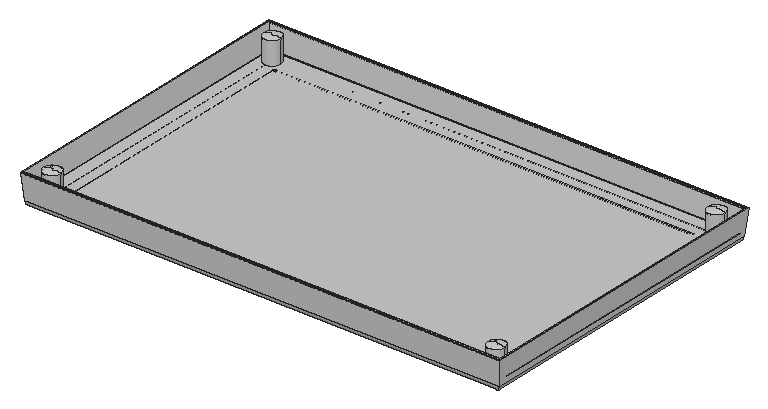
Revit family "Gorter BV 1000x600mm", category Generic Models, host Face, Revit 2019
Family settings
  Host = Face
  Can host rebar = No
  Round Connector Dimension = Use Diameter
  Part Type = Normal
  Cut with Voids When Loaded = Yes
  Shared = Yes
  Room Calculation Point = No
Parameters (values of type "BV 1000x600mm")
  vullen_met_beton = "ja"  # constant formula
  vergrendeling = "nee"  # constant formula
  uitwendige_lengte = 735 mm
  uitwendige_breedte = 1135 mm
  sluiting = "4"  # constant formula
  scharnierend = "nee"  # constant formula
  rubberen_afdichting = "enkel"  # constant formula
  productgroep = ""
  materiaal = bcb_staal
  inbouwhoogte [instance] = 75 mm
  geïsoleerd = "nee"  # constant formula
  gewicht = "31"
  gasdrukveer = "nee"  # constant formula
  brandwerend 90 min = "nee"  # constant formula
  binnenmaat_lengte = uitwendige_lengte - 135 mm  # 600 mm
  binnenmaat_breedte = uitwendige_breedte - 135 mm  # 1000 mm
  binnenluik = "tbv betonvulling"  # constant formula
  belasting = "125 kN"  # constant formula
  URL = ""
  Model = "BV"  # constant formula
  Manufacturer = "Gorter"  # constant formula
  Description = "BV 106"
  Default Elevation = 1219.2 mm
Types (6, lengths in mm): name | uitwendige_lengte | uitwendige_breedte | gewicht | binnenmaat_lengte | binnenmaat_breedte | Description
  (no name) | 735 | 1135 | "31" | 600 | 1000 | "BV 106"
  BV 600x400mm | 535 | 735 | "17" | 400 | 600 | "BV 64"
  BV 600x600mm | 735 | 735 | "21" | 600 | 600 | "BV 66"
  BV 800x600mm | 735 | 935 | "27" | 600 | 800 | "BV 86"
  BV 800x800mm | 935 | 935 | "31" | 800 | 800 | "BV 88"
  BV 1000x600mm | 735 | 1135 | "31" | 600 | 1000 | "BV 106"
Reference planes
  plane 1 "Center (Front/Back)": y = 0
  plane 2: z = 0
  plane 3 "Center (Left/Right)": x = 0
  plane 4: y = 367.5
  plane 5: y = -367.5
  plane 6: x = 567.5
  plane 7: x = -567.5
  plane 8: z = -75
  plane 9: x = -525.5
  plane 10: y = 325.5
  plane 11: y = -325.5
  plane 12: x = 525.5
  plane 13: x = -405.5
  plane 14: x = 405.5
  plane 15: y = -205.5
  plane 16: y = 205.5
Forms (mm)
  Sweep 1, solid, material "bcb_staal" <- "materiaal", detail levels medium+fine
    path origin (0, 0, 0) x (1, 0, 0) y (0, 1, 0)
      loop
        line (-567.5, 367.5) -> (-567.5, -367.5) -> (567.5, -367.5) -> (567.5, 367.5) -> (-567.5, 367.5)
    profile origin (-567.5, 0, 0) x (-1, 0, 0) y (0, 0, 1)
      loop
        line (0, 0) -> (-2.01, 0) -> (-8.062, -60.739)
        arc (-8.062, -60.739) -> (-19.025, -71.913) -> (-32.302, -63.62) r 12.5
        line (-32.302, -63.62) -> (-34.724, -56.679)
        arc (-34.724, -56.679) -> (-38.41, -54.001) -> (-42.212, -56.51) r 4
        line (-42.212, -56.51) -> (-44.362, -61.868)
        arc (-44.362, -61.868) -> (-48.269, -64.946) -> (-52.899, -63.13) r 5
        line (-52.899, -63.13) -> (-56.64, -57.982)
        arc (-56.64, -57.982) -> (-63.349, -55.792) -> (-67.5, -61.5) r 6
        line (-67.5, -61.5) -> (-67.5, -75) -> (-65.5, -75) -> (-65.5, -61.5)
        arc (-65.5, -61.5) -> (-62.734, -57.695) -> (-58.262, -59.152) r 4
        line (-58.262, -59.152) -> (-54.667, -64.109)
        arc (-54.667, -64.109) -> (-48.142, -66.947) -> (-42.504, -62.607) r 7
        line (-42.504, -62.607) -> (-40.356, -57.255)
        arc (-40.356, -57.255) -> (-38.451, -56.001) -> (-36.61, -57.346) r 2
        line (-36.61, -57.346) -> (-34.19, -64.279)
        arc (-34.19, -64.279) -> (-18.789, -73.899) -> (-6.071, -60.938) r 14.5
        line (-6.071, -60.938) -> (0, 0)
  Sweep 2, solid, material "bcb_staal" <- "materiaal", detail levels medium+fine
    path origin (0, 0, 0) x (1, 0, 0) y (0, 1, 0)
      loop
        line (-567.5, 367.5) -> (-567.5, -367.5) -> (567.5, -367.5) -> (567.5, 367.5) -> (-567.5, 367.5)
    profile origin (-567.5, 0, 0) x (-1, 0, 0) y (0, 0, 1)
      loop
        line (-10.487, -50.628) -> (-2.484, 0) -> (-4.5, 0) -> (-12.438, -50.313)
        arc (-12.438, -50.313) -> (-13.121, -51.538) -> (-14.437, -52.024) r 2.024
        line (-14.437, -52.024) -> (-67.5, -52.024) -> (-67.5, -53.988) -> (-14.751, -53.988)
        arc (-14.751, -53.988) -> (-11.962, -53.142) -> (-10.487, -50.628) r 4
  Sweep 3, solid, material "bcb_staal" <- "materiaal", detail levels coarse
    path origin (0, 0, 0) x (1, 0, 0) y (0, 1, 0)
      loop
        line (-567.5, 367.5) -> (-567.5, -367.5) -> (567.5, -367.5) -> (567.5, 367.5) -> (-567.5, 367.5)
    profile origin (-567.5, 0, 0) x (-1, 0, 0) y (0, 0, 1)
      loop
        line (0, 0) -> (-4.5, 0) -> (-12.74, -52.024) -> (-67.5, -52.024) -> (-67.5, -75) -> (-7.473, -75) -> (0, 0)
  Extrusion 4, solid, material "bcb_staal" <- "materiaal", detail levels medium+fine
    sketch origin (0, 0, 0) x (1, 0, 0) y (0, 1, 0)
      loop
        line (-500, 300) -> (-500, -300) -> (500, -300) -> (500, 300) -> (-500, 300)
    from -53.988 to -52
  Extrusion 5, solid, material "bcb_staal" <- "materiaal", detail levels coarse
    sketch origin (0, 0, 0) x (1, 0, 0) y (0, 1, 0)
      loop
        line (-500, 300) -> (-500, -300) -> (500, -300) -> (500, 300) -> (-500, 300)
    from -75 to -52.024
  Extrusion 6, void
    sketch origin (0, 0, 0) x (1, 0, 0) y (0, 1, 0)
      loop
        line (-405.5, -205.5) -> (405.5, -205.5) -> (405.5, 205.5) -> (-405.5, 205.5) -> (-405.5, -205.5)
    from -500 to 10
  Sweep 7, void
    path origin (0, 0, 0) x (1, 0, 0) y (0, 1, 0)
      loop
        line (-567.5, 367.5) -> (-567.5, -367.5) -> (567.5, -367.5) -> (567.5, 367.5) -> (-567.5, 367.5)
    profile origin (-567.5, 0, 0) x (-1, 0, 0) y (0, 0, 1)
      loop
        line (0.498, 5) -> (-162, 5) -> (-162, -365) -> (-65.5, -365) -> (-65.5, -75) -> (-7.473, -75) -> (0.498, 5)
Cuts and joins
  joined: Sweep 2, Extrusion 4
  joined: Sweep 3, Extrusion 5
Dimensions and locks
  equal spacing: plane 7, plane 3 "Center (Left/Right)", plane 6
  "uitwendige_breedte": plane 7 to plane 6
  equal spacing: plane 4, plane 1 "Center (Front/Back)", plane 5
  "uitwendige_lengte": plane 4 to plane 5
  locked: plane 4 to plane 10 at 42
  locked: plane 7 to plane 9 at 42
  locked: plane 12 to plane 6 at 42
  locked: plane 5 to plane 11 at 42
  locked: plane 9 to plane 13 at 120
  locked: plane 14 to plane 12 at 120
  locked: plane 15 to plane 11 at 120
  locked: plane 10 to plane 16 at 120
  aligned and locked: plane 2 to host face
  aligned and locked: level to host face
  aligned and locked: Sweep 1 sketch curve to plane 4
  aligned and locked: plane 7 to Sweep 1 sketch curve
  aligned and locked: plane 5 to Sweep 1 sketch curve
  aligned and locked: Sweep 1 sketch curve to plane 6
  aligned and locked: Sweep 2 sketch curve to Sweep 1  (x4)
  aligned and locked: Sweep 3 sketch curve to Sweep 1  (x4)
  aligned and locked: Extrusion 4 sketch curve to Sweep 1  (x4)
  aligned and locked: Extrusion 5 sketch curve to Sweep 3  (x2)
  aligned and locked: Extrusion 5 sketch curve to Sweep 1  (x2)
  aligned and locked: plane 3 "Center (Left/Right)" to nested 1
  aligned and locked: nested 1 to plane 2
  aligned and locked: plane 9 to nested 2
  aligned and locked: nested 2 to plane 10
  aligned and locked: nested 3 to plane 12
  aligned and locked: plane 10 to nested 3
  aligned and locked: plane 11 to nested 4
  aligned and locked: nested 4 to plane 9
  aligned and locked: nested 5 to plane 11
  aligned and locked: plane 12 to nested 5
  aligned and locked: nested 6 to plane 1 "Center (Front/Back)"
  aligned and locked: nested 6 to plane 2
  aligned and locked: Extrusion 6 to plane 16
  aligned and locked: Extrusion 6 to plane 14
  aligned and locked: Extrusion 6 to plane 15
  aligned and locked: Extrusion 6 to plane 13
  aligned and locked: Sweep 7 sketch curve to plane 4
  aligned and locked: Sweep 7 sketch curve to plane 6
  aligned and locked: plane 5 to Sweep 7 sketch curve
  aligned and locked: plane 7 to Sweep 7 sketch curve
Automatic sketch dimensions
  host sketch curve to host sketch curve = 2000 mm  (x2)
  Sweep 1 sketch curve to profile plane = 0 mm
  profile plane to Sweep 1 sketch curve = 6.071 mm
  Sweep 1 sketch curve to Sweep 1 sketch curve = 1.99 mm
  Sweep 1 sketch curve to Sweep 1 sketch curve = 12.438 mm
  Sweep 1 sketch curve to Sweep 1 sketch curve = 0 mm  (x6)
  Sweep 1 sketch curve to Sweep 1 sketch curve = 11.802 mm
  Sweep 1 sketch curve to Sweep 1 sketch curve = 1.888 mm
  Sweep 1 sketch curve to Sweep 1 sketch curve = 2.423 mm
  Sweep 1 sketch curve to Sweep 1 sketch curve = 1.886 mm
  Sweep 1 sketch curve to Sweep 1 sketch curve = 1.89 mm
  Sweep 1 sketch curve to Sweep 1 sketch curve = 1.856 mm  (x2)
  Sweep 1 sketch curve to Sweep 1 sketch curve = 2.147 mm
  Sweep 1 sketch curve to Sweep 1 sketch curve = 1.858 mm
  Sweep 1 sketch curve to Sweep 1 sketch curve = 4.638 mm
  Sweep 1 sketch curve to Sweep 1 sketch curve = 3.899 mm
  Sweep 1 sketch curve to Sweep 1 sketch curve = 1.768 mm
  Sweep 1 sketch curve to Sweep 1 sketch curve = 3.741 mm
  Sweep 1 sketch curve to Sweep 1 sketch curve = 1.622 mm
  Sweep 1 sketch curve to Sweep 1 sketch curve = 3.238 mm
  Sweep 1 sketch curve to Sweep 1 sketch curve = 4 mm
  Sweep 1 sketch curve to Sweep 1 sketch curve = 2 mm
  Sweep 1 sketch curve to level = 56.51 mm
  Sweep 1 sketch curve to Sweep 1 sketch curve = 0.169 mm
  Sweep 1 sketch curve to Sweep 1 sketch curve = 0.745 mm
  Sweep 1 sketch curve to Sweep 1 sketch curve = 0.654 mm
  Sweep 1 sketch curve to Sweep 1 sketch curve = 1.471 mm
  Sweep 1 sketch curve to Sweep 1 sketch curve = 1.17 mm
  Sweep 1 sketch curve to Sweep 1 sketch curve = 2.821 mm
  Sweep 1 sketch curve to Sweep 1 sketch curve = 3.49 mm
  Sweep 1 sketch curve to Sweep 1 sketch curve = 1.239 mm
  Sweep 1 sketch curve to Sweep 1 sketch curve = 0.198 mm
  Sweep 1 sketch curve to Sweep 1 sketch curve = 1.867 mm
  Sweep 1 sketch curve to Sweep 1 sketch curve = 0.739 mm
  Sweep 1 sketch curve to Sweep 1 sketch curve = 13.5 mm
  profile plane to Sweep 1 sketch curve = 2.01 mm
  Sweep 1 sketch curve to Sweep 1 sketch curve = 60.938 mm
  Sweep 2 sketch curve to level = 0 mm
  profile plane to Sweep 2 sketch curve = 14.751 mm
  Sweep 2 sketch curve to Sweep 2 sketch curve = 0.313 mm  (x2)
  Sweep 2 sketch curve to Sweep 2 sketch curve = 0 mm  (x2)
  Sweep 2 sketch curve to Sweep 2 sketch curve = 1.95 mm
  Sweep 2 sketch curve to Sweep 2 sketch curve = 0.315 mm
  Sweep 2 sketch curve to Sweep 2 sketch curve = 53.063 mm
  profile plane to Sweep 2 sketch curve = 4.5 mm
  Sweep 2 sketch curve to Sweep 2 sketch curve = 2.016 mm
  Sweep 2 sketch curve to level = 52.024 mm
  Sweep 2 sketch curve to Sweep 2 sketch curve = 1.963 mm
  Sweep 3 sketch curve to level = 0 mm
  Sweep 3 sketch curve to profile plane = 0 mm
  profile plane to Sweep 3 sketch curve = 4.5 mm
  profile plane to Sweep 3 sketch curve = 12.74 mm
  Sweep 3 sketch curve to Sweep 3 sketch curve = 54.76 mm
  Sweep 3 sketch curve to level = 52.024 mm
  profile plane to Sweep 3 sketch curve = 7.473 mm
  Sweep 3 sketch curve to Sweep 3 sketch curve = 22.976 mm
  Extrusion 6 sketch curve to plane 11 = 120 mm
  Extrusion 6 sketch curve to plane 1 "Center (Front/Back)" = 205.5 mm
  Extrusion 6 sketch curve to plane 13 = 0 mm
  Extrusion 6 sketch curve to plane 14 = 0 mm
  level to Sweep 7 sketch curve = 5 mm
  profile plane to Sweep 7 sketch curve = 162 mm
  profile plane to Sweep 7 sketch curve = 65.5 mm
  profile plane to Sweep 7 sketch curve = 7.473 mm
  Sweep 7 sketch curve to profile plane = 0.498 mm
  Sweep 7 sketch curve to level = 75 mm
  Sweep 7 sketch curve to Sweep 7 sketch curve = 290 mm
Nested families
  nested 1: "NLRS_33_GM_FB_TC_GORTER_vloerluik_BV_BCB_Detail_Component" at (0, 0, 0) x (1, 0, 0) z (0, -1, 0), breedte <- "uitwendige_breedte", type "NLRS_33_GM_FB_TC_GORTER_vloerluik_BV_BCB_Detail_Component"
    with breedte 1135 mm
  nested 2: "NLRS_33_GM_FB_TC_GORTER_vloerluik_BV_BCB_Inbusbout" at (-525.5, 325.5, -52.024), type "NLRS_33_GM_FB_TC_GORTER_vloerluik_BV_BCB_Inbusbout"
  nested 3: "NLRS_33_GM_FB_TC_GORTER_vloerluik_BV_BCB_Inbusbout" at (525.5, 325.5, -52.024) x (-1, 0, 0) z (0, 0, 1), type "NLRS_33_GM_FB_TC_GORTER_vloerluik_BV_BCB_Inbusbout"
  nested 4: "NLRS_33_GM_FB_TC_GORTER_vloerluik_BV_BCB_Inbusbout" at (-525.5, -325.5, -52.024), type "NLRS_33_GM_FB_TC_GORTER_vloerluik_BV_BCB_Inbusbout"
  nested 5: "NLRS_33_GM_FB_TC_GORTER_vloerluik_BV_BCB_Inbusbout" at (525.5, -325.5, -52.024) x (-1, 0, 0) z (0, 0, 1), type "NLRS_33_GM_FB_TC_GORTER_vloerluik_BV_BCB_Inbusbout"
  nested 6: "NLRS_33_GM_FB_TC_GORTER_vloerluik_BV_BCB_Detail_Component" at (0, 0, 0) x (0, 1, 0) z (1, 0, 0), breedte <- "uitwendige_lengte", type "NLRS_33_GM_FB_TC_GORTER_vloerluik_BV_BCB_Detail_Component"
    with breedte 735 mm
Definition of nested family "NLRS_33_GM_FB_TC_GORTER_vloerluik_BV_BCB_Inbusbout"
  Parameters
    materiaal = none
    Default Elevation = 1219.2 mm
  Reference planes
    plane 1 "Center (Front/Back)": y = 0
    plane 2: z = 0
    plane 3 "Center (Left/Right)": x = 0
  Forms (mm)
    Extrusion 1, solid, not visible
      sketch origin (0, 0, 0) x (1, 0, 0) y (0, 1, 0)
        loop
          line (-250, 250) -> (-250, -250) -> (250, -250) -> (250, 250) -> (-250, 250)
      from 0 to -100
    Extrusion 2, solid, material <- "materiaal", detail levels medium+fine
      sketch origin (0, 0, 0) x (1, 0, 0) y (0, 1, 0)
        loop
          circle (0, 0) r 20
      from 0 to 52
    Revolve 3, solid, detail levels medium+fine
      sketch origin (0, 0, 0) x (1, 0, 0) y (0, 0, 1)
        loop
          line (-20, 52) -> (0, 52) -> (0, 56)
          arc (0, 56) -> (-10.198, 54.99) -> (-20, 52) r 52
        axis (0, 56) -> (0, 52)
      angle from 0 to 360
  Dimensions and locks
    aligned and locked: plane 2 to Extrusion 1
    aligned and locked: level to Extrusion 1
Definition of nested family "NLRS_33_GM_FB_TC_GORTER_vloerluik_BV_BCB_Detail_Component"
  Parameters
    breedte [instance] = 435 mm
  Reference planes
    plane 1 "Center (Front/Back)": y = 0
    plane 2: z = 0
    plane 3 "Center (Left/Right)": x = 0
    plane 4: x = -217.5
    plane 5: x = 217.5
    plane 6: y = 100
    plane 7: y = -75
  Lines and regions (mm)
    Filled region 1, type "BCB Staal", in view "Ref. Level", detail levels medium+fine
      outline origin (0, 0, 0) x (1, 0, 0) y (0, 1, 0)
        loop
          line (-217.5, 0) -> (-211.429, -60.938)
          arc (-211.429, -60.938) -> (-198.711, -73.899) -> (-183.31, -64.279) r 14.5
          line (-183.31, -64.279) -> (-180.89, -57.346)
          arc (-180.89, -57.346) -> (-179.049, -56.001) -> (-177.144, -57.255) r 2
          line (-177.144, -57.255) -> (-174.996, -62.607)
          arc (-174.996, -62.607) -> (-169.358, -66.947) -> (-162.833, -64.109) r 7
          line (-162.833, -64.109) -> (-159.24, -59.154)
          arc (-159.24, -59.154) -> (-154.767, -57.695) -> (-152, -61.5) r 4
          line (-152, -61.5) -> (-152, -75) -> (-150, -75) -> (-150, -61.5)
          arc (-150, -61.5) -> (-154.151, -55.792) -> (-160.86, -57.982) r 6
          line (-160.86, -57.982) -> (-164.601, -63.13)
          arc (-164.601, -63.13) -> (-169.231, -64.946) -> (-173.138, -61.868) r 5
          line (-173.138, -61.868) -> (-175.288, -56.51)
          arc (-175.288, -56.51) -> (-179.09, -54.001) -> (-182.776, -56.679) r 4
          line (-182.776, -56.679) -> (-185.198, -63.62)
          arc (-185.198, -63.62) -> (-198.475, -71.913) -> (-209.438, -60.739) r 12.5
          line (-209.438, -60.739) -> (-215.49, 0) -> (-217.5, 0)
    Filled region 2, type "BCB Rubber", in view "Ref. Level", detail levels medium+fine
      outline origin (0, 0, 0) x (1, 0, 0) y (0, 1, 0)
        loop
          arc (-160.052, -57.075) -> (-160.524, -54.949) -> (-162.485, -54) r 2.5
          line (-162.485, -54) -> (-178.975, -54)
          arc (-178.975, -54) -> (-176.749, -54.694) -> (-175.288, -56.51) r 4
          line (-175.288, -56.51) -> (-173.138, -61.868)
          arc (-173.138, -61.868) -> (-169.231, -64.946) -> (-164.601, -63.13) r 5
          line (-164.601, -63.13) -> (-160.86, -57.982)
          arc (-160.86, -57.982) -> (-160.479, -57.508) -> (-160.052, -57.075) r 6
    Filled region 3, type "BCB Staal", in view "Ref. Level", detail levels medium+fine
      outline origin (0, 0, 0) x (1, 0, 0) y (0, 1, 0)
        loop
          line (-213, 0) -> (-215.016, 0) -> (-207.013, -50.628)
          arc (-207.013, -50.628) -> (-205.538, -53.142) -> (-202.749, -53.988) r 4
          line (-202.749, -53.988) -> (203.063, -53.988)
          arc (203.063, -53.988) -> (205.651, -53.033) -> (207, -50.626) r 3.987
          line (207, -50.626) -> (215, 0) -> (212.969, 0) -> (205.038, -50.32)
          arc (205.038, -50.32) -> (204.359, -51.524) -> (203.063, -52.024) r 2.001
          line (203.063, -52.024) -> (-203.063, -52.024)
          arc (-203.063, -52.024) -> (-204.379, -51.538) -> (-205.063, -50.313) r 2.024
          line (-205.063, -50.313) -> (-213, 0)
    Filled region 4, type "BCB Staal", in view "Ref. Level", detail levels medium+fine
      outline origin (0, 0, 0) x (1, 0, 0) y (0, 1, 0)
        loop
          line (185.198, -63.62) -> (182.776, -56.679)
          arc (182.776, -56.679) -> (179.09, -54.001) -> (175.288, -56.51) r 4
          line (175.288, -56.51) -> (173.138, -61.868)
          arc (173.138, -61.868) -> (169.231, -64.946) -> (164.601, -63.13) r 5
          line (164.601, -63.13) -> (160.86, -57.982)
          arc (160.86, -57.982) -> (154.151, -55.792) -> (150, -61.5) r 6
          line (150, -61.5) -> (150, -75) -> (152, -75) -> (152, -61.5)
          arc (152, -61.5) -> (154.767, -57.695) -> (159.24, -59.154) r 4
          line (159.24, -59.154) -> (162.833, -64.109)
          arc (162.833, -64.109) -> (169.358, -66.947) -> (174.996, -62.607) r 7
          line (174.996, -62.607) -> (177.144, -57.255)
          arc (177.144, -57.255) -> (179.049, -56.001) -> (180.89, -57.346) r 2
          line (180.89, -57.346) -> (183.31, -64.279)
          arc (183.31, -64.279) -> (198.711, -73.899) -> (211.429, -60.938) r 14.5
          line (211.429, -60.938) -> (217.5, 0) -> (215.49, 0) -> (209.438, -60.739)
          arc (209.438, -60.739) -> (198.475, -71.913) -> (185.198, -63.62) r 12.5
    Filled region 5, type "BCB Rubber", in view "Ref. Level", detail levels medium+fine
      outline origin (0, 0, 0) x (1, 0, 0) y (0, 1, 0)
        loop
          arc (162.485, -54) -> (160.524, -54.949) -> (160.052, -57.075) r 2.5
          arc (160.052, -57.075) -> (160.479, -57.508) -> (160.86, -57.982) r 6
          line (160.86, -57.982) -> (164.601, -63.13)
          arc (164.601, -63.13) -> (169.231, -64.946) -> (173.138, -61.868) r 5
          line (173.138, -61.868) -> (175.288, -56.51)
          arc (175.288, -56.51) -> (176.746, -54.695) -> (178.968, -54) r 4
          line (178.968, -54) -> (162.485, -54)
    Masking region 1, in view "Ref. Level", detail levels medium+fine
      outline origin (0, 0, 0) x (1, 0, 0) y (0, 1, 0)
        loop
          line (-152, -75) -> (152, -75) -> (152, -74) -> (197, -74)
          arc (197, -74) -> (206.732, -70.249) -> (211.429, -60.938) r 14.5
          line (211.429, -60.938) -> (217.5, 0) -> (-217.5, 0) -> (-211.429, -60.938)
          arc (-211.429, -60.938) -> (-206.732, -70.249) -> (-197, -74) r 14.5
          line (-197, -74) -> (-152, -74) -> (-152, -75)
  Text (mm)
    text "Meer informatie nodig om tot een goed detail te komen.\n\nPDF van de website bevat meer informatie, dit zouden wij graag tegemoet zien in DWG-formaat." at (4.418, -12.363, 0), in view "Ref. Level"
  Dimensions and locks
    equal spacing: plane 4, plane 3 "Center (Left/Right)", plane 5
    "breedte": plane 4 to plane 5
  Automatic sketch dimensions
    plane 1 "Center (Front/Back)" to Filled region 1 sketch curve = 0 mm
    Filled region 1 sketch curve to plane 4 = 0 mm
    plane 4 to Filled region 1 sketch curve = 6.071 mm
    Filled region 1 sketch curve to Filled region 1 sketch curve = 1.99 mm
    Filled region 1 sketch curve to Filled region 1 sketch curve = 12.438 mm
    Filled region 1 sketch curve to Filled region 1 sketch curve = 0 mm  (x6)
    plane 7 to Filled region 1 sketch curve = 11.38 mm
    Filled region 1 sketch curve to Filled region 1 sketch curve = 11.802 mm
    plane 7 to Filled region 1 sketch curve = 10.721 mm
    Filled region 1 sketch curve to Filled region 1 sketch curve = 1.888 mm
    Filled region 1 sketch curve to Filled region 1 sketch curve = 2.423 mm
    plane 7 to Filled region 1 sketch curve = 17.654 mm
    Filled region 1 sketch curve to Filled region 1 sketch curve = 1.886 mm
    Filled region 1 sketch curve to Filled region 1 sketch curve = 1.89 mm
    plane 7 to Filled region 1 sketch curve = 17.745 mm
    Filled region 1 sketch curve to Filled region 1 sketch curve = 1.856 mm  (x2)
    plane 7 to Filled region 1 sketch curve = 18.49 mm
    plane 7 to Filled region 1 sketch curve = 12.393 mm
    Filled region 1 sketch curve to Filled region 1 sketch curve = 2.147 mm
    plane 7 to Filled region 1 sketch curve = 13.132 mm
    Filled region 1 sketch curve to Filled region 1 sketch curve = 1.858 mm
    Filled region 1 sketch curve to Filled region 1 sketch curve = 4.638 mm
    plane 7 to Filled region 1 sketch curve = 11.87 mm
    Filled region 1 sketch curve to Filled region 1 sketch curve = 3.899 mm
    plane 7 to Filled region 1 sketch curve = 10.891 mm
    Filled region 1 sketch curve to Filled region 1 sketch curve = 1.768 mm
    plane 7 to Filled region 1 sketch curve = 17.018 mm
    Filled region 1 sketch curve to Filled region 1 sketch curve = 3.74 mm
    plane 7 to Filled region 1 sketch curve = 15.846 mm
    Filled region 1 sketch curve to Filled region 1 sketch curve = 1.621 mm
    Filled region 1 sketch curve to Filled region 1 sketch curve = 3.24 mm
    plane 7 to Filled region 1 sketch curve = 13.5 mm  (x2)
    Filled region 1 sketch curve to Filled region 1 sketch curve = 4 mm
    plane 7 to Filled region 1 sketch curve = 0 mm
    Filled region 1 sketch curve to Filled region 1 sketch curve = 2 mm  (x2)
    plane 7 to Filled region 1 sketch curve = 14.062 mm
    Filled region 1 sketch curve to Filled region 1 sketch curve = 0.198 mm
    plane 4 to Filled region 1 sketch curve = 2.01 mm
    plane 7 to Filled region 2 sketch curve = 17 mm
    plane 4 to Filled region 2 sketch curve = 38.5 mm
    Filled region 2 sketch curve to Filled region 2 sketch curve = 0.025 mm
    plane 7 to Filled region 2 sketch curve = 18.49 mm
    Filled region 2 sketch curve to Filled region 2 sketch curve = 3.712 mm
    plane 7 to Filled region 2 sketch curve = 13.132 mm
    Filled region 2 sketch curve to Filled region 2 sketch curve = 2.15 mm
    Filled region 2 sketch curve to Filled region 2 sketch curve = 4.638 mm
    plane 7 to Filled region 2 sketch curve = 11.87 mm
    Filled region 2 sketch curve to Filled region 2 sketch curve = 3.899 mm
    Filled region 2 sketch curve to Filled region 2 sketch curve = 2.116 mm
    plane 7 to Filled region 2 sketch curve = 17.018 mm
    Filled region 2 sketch curve to Filled region 2 sketch curve = 1.624 mm
    Filled region 2 sketch curve to Filled region 2 sketch curve = 4.86 mm
    Filled region 2 sketch curve to Filled region 2 sketch curve = 3.518 mm
    Filled region 2 sketch curve to Filled region 2 sketch curve = 1.482 mm
    Filled region 2 sketch curve to Filled region 2 sketch curve = 0 mm  (x3)
    Filled region 2 sketch curve to Filled region 2 sketch curve = 0.809 mm
    plane 1 "Center (Front/Back)" to Filled region 3 sketch curve = 0 mm  (x2)
    plane 4 to Filled region 3 sketch curve = 10.487 mm
    Filled region 3 sketch curve to Filled region 3 sketch curve = 1.95 mm
    Filled region 3 sketch curve to Filled region 3 sketch curve = 2 mm
    Filled region 3 sketch curve to Filled region 3 sketch curve = 0 mm  (x5)
    Filled region 3 sketch curve to Filled region 3 sketch curve = 0.313 mm  (x2)
    Filled region 3 sketch curve to plane 5 = 14.437 mm
    Filled region 3 sketch curve to Filled region 3 sketch curve = 1.975 mm
    Filled region 3 sketch curve to Filled region 3 sketch curve = 1.962 mm
    Filled region 3 sketch curve to plane 5 = 4.531 mm
    Filled region 3 sketch curve to Filled region 3 sketch curve = 2.031 mm
    plane 7 to Filled region 3 sketch curve = 25 mm  (x2)
    Filled region 3 sketch curve to Filled region 3 sketch curve = 0.001 mm
    Filled region 3 sketch curve to Filled region 3 sketch curve = 0.319 mm
    Filled region 3 sketch curve to Filled region 3 sketch curve = 0.306 mm
    plane 4 to Filled region 3 sketch curve = 4.5 mm
    Filled region 3 sketch curve to Filled region 3 sketch curve = 2.016 mm
    Filled region 4 sketch curve to plane 7 = 0 mm
    plane 1 "Center (Front/Back)" to Filled region 4 sketch curve = 0 mm
    Filled region 4 sketch curve to plane 5 = 0 mm
    Filled region 4 sketch curve to plane 5 = 6.071 mm
    Filled region 4 sketch curve to Filled region 4 sketch curve = 1.99 mm
    Filled region 4 sketch curve to Filled region 4 sketch curve = 12.438 mm
    Filled region 4 sketch curve to Filled region 4 sketch curve = 0 mm  (x5)
    plane 7 to Filled region 4 sketch curve = 11.38 mm
    Filled region 4 sketch curve to Filled region 4 sketch curve = 11.802 mm
    plane 7 to Filled region 4 sketch curve = 10.721 mm
    Filled region 4 sketch curve to Filled region 4 sketch curve = 1.888 mm
    Filled region 4 sketch curve to Filled region 4 sketch curve = 2.423 mm
    Filled region 4 sketch curve to Filled region 4 sketch curve = 1.886 mm
    Filled region 4 sketch curve to Filled region 4 sketch curve = 1.89 mm
    plane 7 to Filled region 4 sketch curve = 17.745 mm
    Filled region 4 sketch curve to Filled region 4 sketch curve = 1.856 mm  (x2)
    plane 7 to Filled region 4 sketch curve = 18.49 mm
    plane 7 to Filled region 4 sketch curve = 12.393 mm
    Filled region 4 sketch curve to Filled region 4 sketch curve = 2.147 mm
    plane 7 to Filled region 4 sketch curve = 13.132 mm
    Filled region 4 sketch curve to Filled region 4 sketch curve = 1.858 mm
    Filled region 4 sketch curve to Filled region 4 sketch curve = 4.638 mm
    plane 7 to Filled region 4 sketch curve = 11.87 mm
    Filled region 4 sketch curve to Filled region 4 sketch curve = 3.899 mm
    plane 7 to Filled region 4 sketch curve = 10.891 mm
    Filled region 4 sketch curve to Filled region 4 sketch curve = 1.768 mm
    plane 7 to Filled region 4 sketch curve = 17.018 mm
    Filled region 4 sketch curve to Filled region 4 sketch curve = 3.74 mm
    plane 7 to Filled region 4 sketch curve = 15.846 mm
    Filled region 4 sketch curve to Filled region 4 sketch curve = 1.621 mm
    Filled region 4 sketch curve to Filled region 4 sketch curve = 3.24 mm
    Filled region 4 sketch curve to Filled region 4 sketch curve = 4 mm
    Filled region 4 sketch curve to Filled region 4 sketch curve = 2 mm
    plane 7 to Filled region 4 sketch curve = 14.062 mm
    Filled region 4 sketch curve to Filled region 4 sketch curve = 0.198 mm
    Filled region 4 sketch curve to Filled region 4 sketch curve = 0.745 mm
    Filled region 4 sketch curve to Filled region 4 sketch curve = 2.01 mm
    plane 7 to Filled region 5 sketch curve = 13.5 mm
    Filled region 5 sketch curve to plane 5 = 61.5 mm
    plane 7 to Filled region 5 sketch curve = 17.018 mm
    Filled region 5 sketch curve to Filled region 5 sketch curve = 4.86 mm
    Filled region 5 sketch curve to Filled region 5 sketch curve = 1.624 mm
    plane 7 to Filled region 5 sketch curve = 11.87 mm
    Filled region 5 sketch curve to Filled region 5 sketch curve = 3.74 mm
    Filled region 5 sketch curve to Filled region 5 sketch curve = 3.899 mm
    plane 7 to Filled region 5 sketch curve = 13.132 mm
    Filled region 5 sketch curve to Filled region 5 sketch curve = 4.638 mm
    Filled region 5 sketch curve to Filled region 5 sketch curve = 2.15 mm
    Filled region 5 sketch curve to Filled region 5 sketch curve = 3.68 mm
    Filled region 5 sketch curve to Filled region 5 sketch curve = 3.712 mm
    Filled region 5 sketch curve to Filled region 5 sketch curve = 1.49 mm
    Filled region 5 sketch curve to Filled region 5 sketch curve = 1.482 mm
    Filled region 5 sketch curve to Filled region 5 sketch curve = 0.809 mm
    plane 1 "Center (Front/Back)" to Masking region 1 sketch curve = 0 mm
    Masking region 1 sketch curve to plane 4 = 0 mm
    Masking region 1 sketch curve to plane 7 = 0 mm
    Masking region 1 sketch curve to plane 5 = 65.5 mm
    plane 7 to Masking region 1 sketch curve = 1 mm
    plane 4 to Masking region 1 sketch curve = 65.5 mm
    Masking region 1 sketch curve to plane 5 = 20.5 mm
    Masking region 1 sketch curve to Masking region 1 sketch curve = 1 mm
    Masking region 1 sketch curve to Masking region 1 sketch curve = 14.5 mm
    Masking region 1 sketch curve to plane 5 = 6.071 mm
    Masking region 1 sketch curve to plane 5 = 0 mm
    plane 4 to Masking region 1 sketch curve = 6.071 mm
    plane 7 to Masking region 1 sketch curve = 14.062 mm
    Masking region 1 sketch curve to Masking region 1 sketch curve = 1.438 mm
